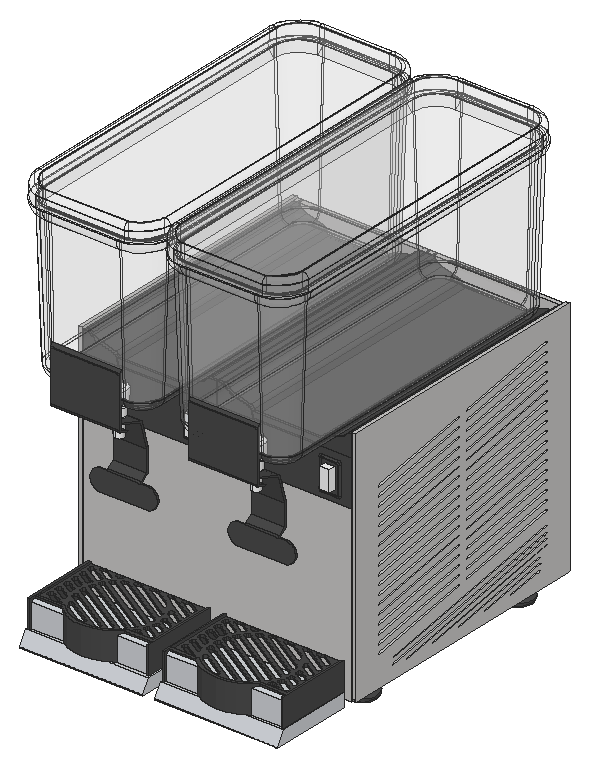
Revit family "QF_Vollrath-VBBD2-37", category Specialty Equipment, Revit 2018 (continued)
Forms (in)
  Extrusion 20, solid, material "Clearance - Code/Mandatory", detail levels coarse
    sketch origin (3.67282, -3.20625, 0) x (0, 1, 0) y (-1, 0, 0)
      loop
        line (13.96385, -7.15843) -> (20.08125, -7.15843) -> (20.08125, 13.34782) -> (13.96385, 13.34782) -> (13.96385, -7.15843)
    from 0 to 22.11914
  Sweep 21, solid, material "QF_Finishes-Clear Plastic"
    path origin (-0.03125, 0, 0) x (1, 0, 0) y (0, 1, 0)
      loop
        line (1.97575, 9.86597) -> (-1.98, 9.86597)
        arc (-1.98, 9.86597) -> (-2.54709, 9.63108) -> (-2.78198, 9.064) r 0.80197
        line (-2.78198, 9.064) -> (-2.78198, -6.12347)
        arc (-2.78198, -6.12347) -> (-2.53304, -6.72445) -> (-1.93206, -6.97339) r 0.84992
        line (-1.93206, -6.97339) -> (1.91929, -6.97339)
        arc (1.91929, -6.97339) -> (2.53134, -6.71987) -> (2.78485, -6.10782) r 0.86556
        line (2.78485, -6.10782) -> (2.78485, 9.05687)
        arc (2.78485, 9.05687) -> (2.54787, 9.62899) -> (1.97575, 9.86597) r 0.8091
    profile origin (-0.03338, 9.86597, 0) x (0, -1, 0) y (0, 0, 1)
      loop
        line (-0.42938, 20.63713) -> (-0.42938, 21.24909) -> (-0.79275, 21.24909)
        arc (-0.79275, 21.24909) -> (-0.70586, 20.88683) -> (-0.42938, 20.63713) r 0.62946
  Extrusion 22, solid
    sketch origin (0, 0, 0) x (0, 1, 0) y (0, 0, 1)
      loop
        line (-3.39961, 1.03543) -> (-7.3563, 1.03543) -> (-7.75, 0.3937) -> (-7.75, 0.35433) -> (-3.39961, 0.35433) -> (-3.39961, 1.03543)
    from -3.17717 to 3.27868
  Extrusion 23, solid
    sketch origin (0, 0, 0) x (0, 1, 0) y (0, 0, 1)
      loop
        arc (-6.9626, 2.40157) -> (-7.08882, 2.37471) -> (-7.18008, 2.28346) r 0.22732
        line (-7.18008, 2.28346) -> (-7.18008, 1.03543) -> (-6.9626, 1.03543) -> (-6.9626, 2.40157)
    from -3.05071 to -1.36292
  Extrusion 24, solid, material "QF_Finishes-Black Plastic"
    sketch origin (0, 0, 0) x (1, 0, 0) y (0, 1, 0)
      loop
        line (-3.05071, -6.8248) -> (-1.68325, -6.8248)
        arc (-1.68325, -6.8248) -> (-1.60014, -6.84139) -> (-1.52977, -6.88862) r 0.21647
        arc (-1.52977, -6.88862) -> (0.02, -7.53304) -> (1.56978, -6.88862) r 2.18576
        arc (1.56978, -6.88862) -> (1.64015, -6.84139) -> (1.72326, -6.8248) r 0.21647
        line (1.72326, -6.8248) -> (3.09102, -6.8248) -> (3.09102, -3.19488) -> (-3.05071, -3.19488) -> (-3.05071, -6.8248)
      loop
        line (1.99999, -5.31469) -> (-0.85274, -3.56972)
        arc (-0.85274, -3.56972) -> (-0.90143, -3.55568) -> (-0.95047, -3.56848) r 0.09564
        line (-0.95047, -3.56848) -> (-1.05079, -3.62641)
        arc (-1.05079, -3.62641) -> (-1.09797, -3.71056) -> (-1.05079, -3.79471) r 0.09865
        line (-1.05079, -3.79471) -> (1.89113, -5.59424)
        arc (1.89113, -5.59424) -> (1.98696, -5.59808) -> (2.04057, -5.51856) r 0.09843
        line (2.04057, -5.51856) -> (2.04706, -5.40253)
        arc (2.04706, -5.40253) -> (2.03544, -5.35223) -> (1.99999, -5.31469) r 0.09857
      loop
        line (1.92869, -5.80182) -> (-1.25519, -3.85429)
        arc (-1.25519, -3.85429) -> (-1.31546, -3.84407) -> (-1.37003, -3.87162) r 0.09782
        line (-1.37003, -3.87162) -> (-1.44371, -3.9453)
        arc (-1.44371, -3.9453) -> (-1.47148, -4.02385) -> (-1.42783, -4.09482) r 0.09665
        line (-1.42783, -4.09482) -> (1.79158, -6.06408)
        arc (1.79158, -6.06408) -> (1.8762, -6.07294) -> (1.93593, -6.01235) r 0.09812
        line (1.93593, -6.01235) -> (1.96819, -5.91075)
        arc (1.96819, -5.91075) -> (1.96695, -5.84957) -> (1.92869, -5.80182) r 0.09507
      loop
        line (1.74837, -6.22226) -> (-1.54753, -4.20621)
        arc (-1.54753, -4.20621) -> (-1.61887, -4.19636) -> (-1.67693, -4.23897) r 0.09584
        line (-1.67693, -4.23897) -> (-1.73108, -4.32679)
        arc (-1.73108, -4.32679) -> (-1.743, -4.39877) -> (-1.70104, -4.45845) r 0.09631
        line (-1.70104, -4.45845) -> (1.59739, -6.47604)
        arc (1.59739, -6.47604) -> (1.66914, -6.48577) -> (1.72723, -6.44255) r 0.09587
        line (1.72723, -6.44255) -> (1.78078, -6.35401)
        arc (1.78078, -6.35401) -> (1.79129, -6.28157) -> (1.74837, -6.22226) r 0.09741
      loop
        line (1.48132, -6.58966) -> (-1.74811, -4.61427)
        arc (-1.74811, -4.61427) -> (-1.83177, -4.60731) -> (-1.88979, -4.66798) r 0.09744
        line (-1.88979, -4.66798) -> (-1.92257, -4.76761)
        arc (-1.92257, -4.76761) -> (-1.92194, -4.82904) -> (-1.88395, -4.87732) r 0.0953
        line (-1.88395, -4.87732) -> (1.30511, -6.82801)
        arc (1.30511, -6.82801) -> (1.36581, -6.8405) -> (1.42146, -6.81321) r 0.09579
        line (1.42146, -6.81321) -> (1.49519, -6.73948)
        arc (1.49519, -6.73948) -> (1.52341, -6.66132) -> (1.48132, -6.58966) r 0.09779
      loop
        line (1.10757, -6.89177) -> (-1.84914, -5.0832)
        arc (-1.84914, -5.0832) -> (-1.94458, -5.07917) -> (-1.99846, -5.15805) r 0.0984
        line (-1.99846, -5.15805) -> (-2.00593, -5.27264)
        arc (-2.00593, -5.27264) -> (-1.99506, -5.32396) -> (-1.95906, -5.3621) r 0.09696
        line (-1.95906, -5.3621) -> (0.91264, -7.11867)
        arc (0.91264, -7.11867) -> (0.96072, -7.13194) -> (1.0088, -7.11867) r 0.09375
        line (1.0088, -7.11867) -> (1.10757, -7.05966)
        arc (1.10757, -7.05966) -> (1.15463, -6.97572) -> (1.10757, -6.89177) r 0.0984
      loop
        line (0.60863, -7.11732) -> (-1.82264, -5.63015)
        arc (-1.82264, -5.63015) -> (-1.92999, -5.63329) -> (-1.97033, -5.73281) r 0.09825
        line (-1.97033, -5.73281) -> (-1.93774, -5.87396)
        arc (-1.93774, -5.87396) -> (-1.92175, -5.90738) -> (-1.89442, -5.93238) r 0.09714
        line (-1.89442, -5.93238) -> (0.37225, -7.31886)
        arc (0.37225, -7.31886) -> (0.40695, -7.33252) -> (0.44421, -7.33107) r 0.09073
        line (0.44421, -7.33107) -> (0.58467, -7.29582)
        arc (0.58467, -7.29582) -> (0.65482, -7.21438) -> (0.60863, -7.11732) r 0.09843
      loop
        line (-0.15644, -7.18008) -> (-1.53008, -6.33984)
        arc (-1.53008, -6.33984) -> (-1.65245, -6.35562) -> (-1.66332, -6.47852) r 0.09845
        line (-1.66332, -6.47852) -> (-1.474, -6.72028) -> (-0.52036, -7.30361) -> (-0.21942, -7.36177)
        arc (-0.21942, -7.36177) -> (-0.1148, -7.29628) -> (-0.15644, -7.18008) r 0.09842
      loop
        line (1.92796, -4.73989) -> (-0.30697, -3.37282)
        arc (-0.30697, -3.37282) -> (-0.34079, -3.3598) -> (-0.37704, -3.35963) r 0.10043
        line (-0.37704, -3.35963) -> (-0.52004, -3.39377)
        arc (-0.52004, -3.39377) -> (-0.59167, -3.47506) -> (-0.54547, -3.57306) r 0.09865
        line (-0.54547, -3.57306) -> (1.85831, -5.04342)
        arc (1.85831, -5.04342) -> (1.96624, -5.03999) -> (2.00606, -4.93962) r 0.09842
        line (2.00606, -4.93962) -> (1.97137, -4.79716)
        arc (1.97137, -4.79716) -> (1.95507, -4.76442) -> (1.92796, -4.73989) r 0.09857
      loop
        line (1.46531, -3.92615) -> (0.62845, -3.41426)
        arc (0.62845, -3.41426) -> (0.46776, -3.37153) -> (0.30428, -3.34114) r 2.18615
        arc (0.30428, -3.34114) -> (0.19761, -3.4051) -> (0.23921, -3.5223) r 0.09818
        line (0.23921, -3.5223) -> (1.54679, -4.32213)
        arc (1.54679, -4.32213) -> (1.66978, -4.30502) -> (1.67799, -4.18113) r 0.09835
        arc (1.67799, -4.18113) -> (1.57664, -4.04948) -> (1.46531, -3.92615) r 2.12561
      loop
        line (2.83911, -4.23574) -> (1.36588, -3.33459)
        arc (1.36588, -3.33459) -> (1.34175, -3.32427) -> (1.31572, -3.32087) r 0.09593
        arc (1.31572, -3.32087) -> (1.27881, -3.321) -> (1.2419, -3.32087) r 5.03614
        arc (1.2419, -3.32087) -> (1.14687, -3.39171) -> (1.18925, -3.5024) r 0.0982
        arc (1.18925, -3.5024) -> (1.38493, -3.6409) -> (1.56306, -3.80134) r 2.04444
        line (1.56306, -3.80134) -> (2.73642, -4.51906)
        arc (2.73642, -4.51906) -> (2.8353, -4.51983) -> (2.88433, -4.43395) r 0.09782
        arc (2.88433, -4.43395) -> (2.88401, -4.37627) -> (2.88433, -4.31858) r 5.14481
        arc (2.88433, -4.31858) -> (2.87254, -4.27125) -> (2.83911, -4.23574) r 0.0965
      loop
        line (2.83639, -3.70334) -> (2.23231, -3.33383)
        arc (2.23231, -3.33383) -> (2.21027, -3.32439) -> (2.18655, -3.32087) r 0.09339
        line (2.18655, -3.32087) -> (1.99477, -3.32087)
        arc (1.99477, -3.32087) -> (1.89988, -3.39257) -> (1.94341, -3.50325) r 0.09837
        line (1.94341, -3.50325) -> (2.73528, -3.98763)
        arc (2.73528, -3.98763) -> (2.83413, -3.98931) -> (2.88433, -3.90415) r 0.09818
        arc (2.88433, -3.90415) -> (2.88448, -3.84599) -> (2.88433, -3.78784) r 11.3571
        arc (2.88433, -3.78784) -> (2.87139, -3.73933) -> (2.83639, -3.70334) r 0.09933
      loop
        arc (-2.69423, -5.62775) -> (-2.79372, -5.62586) -> (-2.84402, -5.71171) r 0.09843
        line (-2.84402, -5.71171) -> (-2.84402, -5.82709)
        arc (-2.84402, -5.82709) -> (-2.83145, -5.87522) -> (-2.79695, -5.91106) r 0.09843
        line (-2.79695, -5.91106) -> (-2.13741, -6.31449)
        arc (-2.13741, -6.31449) -> (-2.02317, -6.30683) -> (-1.99384, -6.19615) r 0.09819
        line (-1.99384, -6.19615) -> (-2.04986, -6.04886)
        arc (-2.04986, -6.04886) -> (-2.066, -6.01898) -> (-2.09144, -5.99647) r 0.09728
        line (-2.09144, -5.99647) -> (-2.69423, -5.62775)
      loop
        arc (-2.69423, -5.09701) -> (-2.79372, -5.09512) -> (-2.84402, -5.18097) r 0.09843
        line (-2.84402, -5.18097) -> (-2.84402, -5.29635)
        arc (-2.84402, -5.29635) -> (-2.83145, -5.34448) -> (-2.79695, -5.38032) r 0.09843
        line (-2.79695, -5.38032) -> (-2.30078, -5.68381)
        arc (-2.30078, -5.68381) -> (-2.19664, -5.68292) -> (-2.1516, -5.58901) r 0.09843
        line (-2.1516, -5.58901) -> (-2.16128, -5.47226)
        arc (-2.16128, -5.47226) -> (-2.17523, -5.42752) -> (-2.20826, -5.39428) r 0.09865
        line (-2.20826, -5.39428) -> (-2.69423, -5.09701)
      loop
        arc (-2.69423, -4.56627) -> (-2.79372, -4.56438) -> (-2.84402, -4.65023) r 0.09843
        line (-2.84402, -4.65023) -> (-2.84402, -4.76561)
        arc (-2.84402, -4.76561) -> (-2.83145, -4.81374) -> (-2.79695, -4.84958) r 0.09843
        line (-2.79695, -4.84958) -> (-2.29775, -5.15493)
        arc (-2.29775, -5.15493) -> (-2.20358, -5.15958) -> (-2.14873, -5.0829) r 0.09839
        line (-2.14873, -5.0829) -> (-2.13391, -4.98165)
        arc (-2.13391, -4.98165) -> (-2.14196, -4.92467) -> (-2.17954, -4.8811) r 0.10209
        line (-2.17954, -4.8811) -> (-2.69423, -4.56627)
      loop
        arc (-2.69423, -4.03555) -> (-2.79372, -4.03365) -> (-2.84402, -4.11951) r 0.09843
        line (-2.84402, -4.11951) -> (-2.84402, -4.23489)
        arc (-2.84402, -4.23489) -> (-2.83145, -4.28301) -> (-2.79695, -4.31885) r 0.09843
        line (-2.79695, -4.31885) -> (-2.19054, -4.68978)
        arc (-2.19054, -4.68978) -> (-2.10586, -4.69843) -> (-2.0461, -4.63781) r 0.09843
        line (-2.0461, -4.63781) -> (-2.01311, -4.5476)
        arc (-2.01311, -4.5476) -> (-2.01108, -4.48046) -> (-2.05286, -4.42787) r 0.09777
        line (-2.05286, -4.42787) -> (-2.69423, -4.03555)
      loop
        arc (-2.69423, -3.50479) -> (-2.79372, -3.5029) -> (-2.84402, -3.58875) r 0.09843
        line (-2.84402, -3.58875) -> (-2.84402, -3.70413)
        arc (-2.84402, -3.70413) -> (-2.83145, -3.75226) -> (-2.79695, -3.78809) r 0.09843
        line (-2.79695, -3.78809) -> (-2.00078, -4.2751)
        arc (-2.00078, -4.2751) -> (-1.92526, -4.28682) -> (-1.86377, -4.24142) r 0.09931
        line (-1.86377, -4.24142) -> (-1.8143, -4.16136)
        arc (-1.8143, -4.16136) -> (-1.80095, -4.08604) -> (-1.84557, -4.0239) r 0.09843
        line (-1.84557, -4.0239) -> (-2.69423, -3.50479)
      loop
        arc (-2.69423, -6.15849) -> (-2.79372, -6.1566) -> (-2.84402, -6.24246) r 0.09843
        line (-2.84402, -6.24246) -> (-2.84402, -6.35783)
        arc (-2.84402, -6.35783) -> (-2.83145, -6.40596) -> (-2.79695, -6.4418) r 0.09843
        line (-2.79695, -6.4418) -> (-2.18491, -6.81617) -> (-1.91188, -6.81617)
        arc (-1.91188, -6.81617) -> (-1.85587, -6.7319) -> (-1.9031, -6.64241) r 0.09904
        line (-1.9031, -6.64241) -> (-2.69423, -6.15849)
      loop
        line (-2.39494, -3.50325) -> (-1.73202, -3.90876)
        arc (-1.73202, -3.90876) -> (-1.66637, -3.92218) -> (-1.60735, -3.89047) r 0.09841
        line (-1.60735, -3.89047) -> (-1.54093, -3.82001)
        arc (-1.54093, -3.82001) -> (-1.51481, -3.73924) -> (-1.5609, -3.66795) r 0.09896
        line (-1.5609, -3.66795) -> (-2.18752, -3.28465)
        arc (-2.18752, -3.28465) -> (-2.235, -3.26983) -> (-2.28367, -3.28012) r 0.09843
        line (-2.28367, -3.28012) -> (-2.38686, -3.33173)
        arc (-2.38686, -3.33173) -> (-2.44114, -3.41512) -> (-2.39494, -3.50325) r 0.09843
      loop
        arc (-1.47591, -3.32087) -> (-1.57065, -3.39261) -> (-1.52727, -3.50325) r 0.09843
        line (-1.52727, -3.50325) -> (-1.3826, -3.59175)
        arc (-1.3826, -3.59175) -> (-1.32707, -3.60613) -> (-1.27295, -3.58713) r 0.09847
        line (-1.27295, -3.58713) -> (-1.18803, -3.52827)
        arc (-1.18803, -3.52827) -> (-1.14526, -3.44427) -> (-1.19182, -3.36231) r 0.09944
        line (-1.19182, -3.36231) -> (-1.23593, -3.33533)
        arc (-1.23593, -3.33533) -> (-1.26061, -3.32455) -> (-1.28729, -3.32087) r 0.09843
        line (-1.28729, -3.32087) -> (-1.47591, -3.32087)
      loop
        arc (2.16593, -4.35471) -> (2.05008, -4.36433) -> (2.02423, -4.47767) r 0.09841
        line (2.02423, -4.47767) -> (2.08147, -4.62318)
        arc (2.08147, -4.62318) -> (2.09769, -4.65241) -> (2.12281, -4.67447) r 0.09781
        line (2.12281, -4.67447) -> (2.73454, -5.04866)
        arc (2.73454, -5.04866) -> (2.83403, -5.05055) -> (2.88433, -4.9647) r 0.09843
        line (2.88433, -4.9647) -> (2.88433, -4.84932)
        arc (2.88433, -4.84932) -> (2.87176, -4.80119) -> (2.83726, -4.76535) r 0.09843
        line (2.83726, -4.76535) -> (2.16593, -4.35471)
      loop
        arc (2.33855, -4.99104) -> (2.23397, -4.99219) -> (2.18943, -5.08682) r 0.09845
        line (2.18943, -5.08682) -> (2.20051, -5.20384)
        arc (2.20051, -5.20384) -> (2.21442, -5.2483) -> (2.24726, -5.28133) r 0.09819
        line (2.24726, -5.28133) -> (2.73454, -5.5794)
        arc (2.73454, -5.5794) -> (2.83403, -5.58129) -> (2.88433, -5.49544) r 0.09843
        line (2.88433, -5.49544) -> (2.88433, -5.38006)
        arc (2.88433, -5.38006) -> (2.87176, -5.33193) -> (2.83726, -5.29609) r 0.09843
        line (2.83726, -5.29609) -> (2.33855, -4.99104)
      loop
        arc (2.34021, -5.5228) -> (2.24688, -5.51781) -> (2.19158, -5.59315) r 0.09828
        line (2.19158, -5.59315) -> (2.17713, -5.69751)
        arc (2.17713, -5.69751) -> (2.18485, -5.75432) -> (2.22293, -5.79719) r 0.09843
        line (2.22293, -5.79719) -> (2.73454, -6.11014)
        arc (2.73454, -6.11014) -> (2.83403, -6.11203) -> (2.88433, -6.02618) r 0.09843
        line (2.88433, -6.02618) -> (2.88433, -5.9108)
        arc (2.88433, -5.9108) -> (2.87176, -5.86267) -> (2.83726, -5.82683) r 0.09843
        line (2.83726, -5.82683) -> (2.34021, -5.5228)
      loop
        arc (2.2366, -5.99016) -> (2.15157, -5.98163) -> (2.09192, -6.04283) r 0.09842
        line (2.09192, -6.04283) -> (2.05934, -6.13333)
        arc (2.05934, -6.13333) -> (2.05873, -6.20007) -> (2.09985, -6.25265) r 0.1011
        line (2.09985, -6.25265) -> (2.73454, -6.64088)
        arc (2.73454, -6.64088) -> (2.83403, -6.64277) -> (2.88433, -6.55692) r 0.09843
        line (2.88433, -6.55692) -> (2.88433, -6.44154)
        arc (2.88433, -6.44154) -> (2.87176, -6.39341) -> (2.83726, -6.35758) r 0.09843
        line (2.83726, -6.35758) -> (2.2366, -5.99016)
      loop
        arc (2.04906, -6.40618) -> (1.97544, -6.39427) -> (1.91458, -6.43738) r 0.09845
        line (1.91458, -6.43738) -> (1.86362, -6.52146)
        arc (1.86362, -6.52146) -> (1.85022, -6.5966) -> (1.89492, -6.65847) r 0.09775
        line (1.89492, -6.65847) -> (2.15566, -6.81617) -> (2.42228, -6.81617)
        arc (2.42228, -6.81617) -> (2.48182, -6.73326) -> (2.43526, -6.64241) r 0.09794
        line (2.43526, -6.64241) -> (2.04906, -6.40618)
    from 2.28346 to 2.40157
  Sweep 25, solid, material "QF_Finishes-Black Plastic"
    path origin (0, 0, 0) x (-1, 0, 0) y (0, 0, 1)
      loop
        arc (-2.90354, 10.17079) -> (-2.88625, 10.12903) -> (-2.84449, 10.11173) r 0.05906
        line (-2.84449, 10.11173) -> (-1.99803, 10.11173)
        arc (-1.99803, 10.11173) -> (-1.95627, 10.12903) -> (-1.93898, 10.17079) r 0.05906
        line (-1.93898, 10.17079) -> (-1.93898, 11.63929)
        arc (-1.93898, 11.63929) -> (-1.95627, 11.68105) -> (-1.99803, 11.69835) r 0.05906
        line (-1.99803, 11.69835) -> (-2.84449, 11.69835)
        arc (-2.84449, 11.69835) -> (-2.88625, 11.68105) -> (-2.90354, 11.63929) r 0.05906
        line (-2.90354, 11.63929) -> (-2.90354, 10.17079)
    profile origin (2.90354, 0, 10.90504) x (-1, 0, 0) y (0, -1, 0)
      loop
        line (-0.09489, 3.27803) -> (0.00738, 3.27803) -> (0.00738, 3.37633)
        arc (0.00738, 3.37633) -> (-0.01127, 3.3726) -> (-0.01972, 3.35557) r 0.02157
        arc (-0.01972, 3.35557) -> (-0.04169, 3.30166) -> (-0.09489, 3.27803) r 0.0779
  Extrusion 26, solid, material "QF_Finishes-White Rubber"
    sketch origin (0, 0, 0) x (-1, 0, 0) y (0, 0, -1)
      loop
        line (-2.66535, -10.3637) -> (-2.66535, -11.44638) -> (-2.17717, -11.44638) -> (-2.17717, -10.3637) -> (-2.66535, -10.3637)
    from 3.27362 to 3.65598
  Extrusion 27, solid
    sketch origin (0, 0, 0) x (0, 1, 0) y (0, 0, -1)
      loop
        line (-6.9626, -2.40157) -> (-6.9626, -1.03543) -> (-7.18008, -1.03543) -> (-7.18008, -2.28346)
        arc (-7.18008, -2.28346) -> (-7.08882, -2.37471) -> (-6.9626, -2.40157) r 0.22732
    from -3.09102 to -1.40314
  Extrusion 28, solid, material "QF_Finishes-Clear Plastic"
    sketch origin (0, 0, 0) x (1, 0, 0) y (0, 1, 0)
      loop
        line (-2.51928, 9.1346) -> (-2.51928, -6.00035)
        arc (-2.51928, -6.00035) -> (-2.32251, -6.47538) -> (-1.84748, -6.67215) r 0.6718
        line (-1.84748, -6.67215) -> (1.84782, -6.67215)
        arc (1.84782, -6.67215) -> (2.32464, -6.47464) -> (2.52215, -5.99781) r 0.67433
        line (2.52215, -5.99781) -> (2.52215, 9.13206)
        arc (2.52215, 9.13206) -> (2.32464, 9.60889) -> (1.84782, 9.8064) r 0.67433
        line (1.84782, 9.8064) -> (-1.84748, 9.8064)
        arc (-1.84748, 9.8064) -> (-2.32251, 9.60963) -> (-2.51928, 9.1346) r 0.6718
    from 12.90709 to 13.05386
  Sweep 29, solid, material "QF_Finishes-Clear Plastic"
    path origin (7.21601, 3.74664, -1.59015) x (1, 0, 0) y (0, 1, 0)
      loop
        line (-2.2551, -11.10622) -> (2.2551, -11.10622)
        arc (2.2551, -11.10622) -> (2.85564, -10.64462) -> (3.17382, -9.95724) r 1.58698
        line (3.17382, -9.95724) -> (3.17382, 5.36453)
        arc (3.17382, 5.36453) -> (2.71278, 6.17327) -> (1.84782, 6.51746) r 1.40778
        line (1.84782, 6.51746) -> (-1.84782, 6.51746)
        arc (-1.84782, 6.51746) -> (-2.71161, 6.17429) -> (-3.17326, 5.36758) r 1.40778
        line (-3.17326, 5.36758) -> (-3.17326, -9.96011)
        arc (-3.17326, -9.96011) -> (-2.85472, -10.64576) -> (-2.2551, -11.10622) r 1.58698
    profile origin (7.21601, -7.35958, -1.59015) x (0, 1, 0) y (0, 0, 1)
      loop
        line (-0.39475, 22.88102) -> (-0.01824, 22.88102) -> (-0.01824, 23.6765)
        arc (-0.01824, 23.6765) -> (-0.26993, 23.6729) -> (-0.39475, 23.45431) r 0.25381
        line (-0.39475, 23.45431) -> (-0.39475, 22.88102)
  Extrusion 30, solid, material "QF_Finishes-Clear Plastic"
    sketch origin (7.16592, 3.7403, -2.36291) x (1, 0, 0) y (0, 1, 0)
      loop
        line (-2.15049, -11.11812) -> (2.25892, -11.11812)
        arc (2.25892, -11.11812) -> (2.86473, -10.65608) -> (3.18926, -9.96676) r 1.60522
        line (3.18926, -9.96676) -> (3.18926, 5.42563)
        arc (3.18926, 5.42563) -> (2.86227, 6.21505) -> (2.07284, 6.54204) r 1.11642
        line (2.07284, 6.54204) -> (-2.09748, 6.54204)
        arc (-2.09748, 6.54204) -> (-2.80722, 6.28665) -> (-3.1915, 5.63759) r 1.11388
        line (-3.1915, 5.63759) -> (-3.1915, -9.95554)
        arc (-3.1915, -9.95554) -> (-2.83451, -10.68325) -> (-2.15049, -11.11812) r 1.49663
    from 24.42674 to 24.46291
  Extrusion 31, solid, material "QF_Finishes-Black Plastic"
    sketch origin (7.10363, 0, 0) x (1, 0, 0) y (0, 0, 1)
      loop
        line (-3.55, 9.73814) -> (3.55, 9.73814) -> (3.55, 13.26725) -> (3.47014, 13.26725)
        arc (3.47014, 13.26725) -> (3.38063, 13.24576) -> (3.31064, 13.18598) r 0.19715
        arc (3.31064, 13.18598) -> (3.28095, 13.13968) -> (3.24494, 13.0981) r 0.3838
        arc (3.24494, 13.0981) -> (3.11274, 12.99666) -> (2.95879, 12.93289) r 0.63833
        line (2.95879, 12.93289) -> (2.1036, 12.70374)
        arc (2.1036, 12.70374) -> (1.98752, 12.63647) -> (1.92101, 12.51995) r 0.2576
        line (1.92101, 12.51995) -> (-1.67922, 12.51995)
        arc (-1.67922, 12.51995) -> (-1.74573, 12.63647) -> (-1.86181, 12.70374) r 0.2576
        line (-1.86181, 12.70374) -> (-2.717, 12.93289)
        arc (-2.717, 12.93289) -> (-2.87095, 12.99666) -> (-3.00315, 13.0981) r 0.63833
        arc (-3.00315, 13.0981) -> (-3.03916, 13.13968) -> (-3.06885, 13.18598) r 0.3838
        arc (-3.06885, 13.18598) -> (-3.13884, 13.24576) -> (-3.22835, 13.26725) r 0.19715
        line (-3.22835, 13.26725) -> (-3.55, 13.26725) -> (-3.55, 9.73814)
    from 3.12402 to 3.27362
  Extrusion 32, solid, material "QF_Finishes-Black Plastic"
    sketch origin (6.93625, -0.69203, -0.67436) x (0, 1, 0) y (0, 0, 1)
      loop
        arc (-6.7126, 12.77975) -> (-6.69637, 12.72827) -> (-6.65354, 12.69541) r 0.08975
        line (-6.65354, 12.69541) -> (-6.24829, 12.54791) -> (-6.22809, 12.6034) -> (-6.65354, 12.75825) -> (-6.65354, 15.43542) -> (-6.55627, 15.57434) -> (-6.585, 15.63626) -> (-6.69836, 15.47437)
        arc (-6.69836, 15.47437) -> (-6.70895, 15.45289) -> (-6.7126, 15.42921) r 0.07874
        line (-6.7126, 15.42921) -> (-6.7126, 12.77975)
    from -1.53543 to 2.09496
  Revolve 33, solid, material "QF_Finishes-White Rubber"
    sketch origin (7.23164, -0.00627, -0.98853) x (0, 1, 0) y (0, 0, 1)
      loop
        line (-5.26181, 11.35591) -> (-5.26181, 13.7196) -> (-5.58313, 13.7196)
        arc (-5.58313, 13.7196) -> (-5.66215, 13.68687) -> (-5.69488, 13.60785) r 0.11175
        line (-5.69488, 13.60785) -> (-5.6749, 12.85346) -> (-5.57506, 12.85346) -> (-5.57506, 12.36572) -> (-5.49364, 12.33608) -> (-5.49364, 11.35591) -> (-5.26181, 11.35591)
      axis (-5.26181, 11.35591) -> (-5.26181, 13.7196)
    angle from 0 to 360
  Extrusion 34, solid, material "QF_Finishes-Black Plastic"
    sketch origin (7.22383, 0.05623, -0.98853) x (0, 1, 0) y (0, 0, 1)
      loop
        line (-4.89794, 12.05642) -> (-4.5209, 10.64927) -> (-4.5209, 9.50735) -> (-4.87524, 9.24034)
        arc (-4.87524, 9.24034) -> (-4.89988, 9.20972) -> (-4.90703, 9.17106) r 0.08027
        line (-4.90703, 9.17106) -> (-4.84806, 9.16797) -> (-4.83447, 9.19711) -> (-4.4932, 9.45428)
        arc (-4.4932, 9.45428) -> (-4.47012, 9.48203) -> (-4.46184, 9.51717) r 0.07874
        line (-4.46184, 9.51717) -> (-4.46184, 10.65704) -> (-4.8302, 12.03176)
        arc (-4.8302, 12.03176) -> (-4.86865, 12.09212) -> (-4.92901, 12.13057) r 0.16532
        line (-4.92901, 12.13057) -> (-6.9898, 12.88064) -> (-7.01, 12.82515) -> (-4.89794, 12.05642)
    from -0.87952 to 0.8668
  Extrusion 35, solid, material "QF_Finishes-Black Plastic"
    sketch origin (7.21601, -0.40114, -1.21779) x (1, 0, 0) y (0, 0.052336, 0.99863)
      loop
        line (-1.23031, 8.07021) -> (1.23031, 8.07021)
        arc (1.23031, 8.07021) -> (1.77091, 8.61081) -> (1.23031, 9.1514) r 0.5406
        line (1.23031, 9.1514) -> (-1.23031, 9.1514)
        arc (-1.23031, 9.1514) -> (-1.77091, 8.61081) -> (-1.23031, 8.07021) r 0.5406
    from 4.87511 to 4.93413
  Sweep 36, solid, material "QF_Finishes-Clear Plastic"
    path origin (7.21601, 0, 0) x (1, 0, 0) y (0, 1, 0)
      loop
        arc (-2.3069, -6.00035) -> (-2.17234, -6.32521) -> (-1.84748, -6.45977) r 0.45942
        line (-1.84748, -6.45977) -> (1.84782, -6.45977)
        arc (1.84782, -6.45977) -> (2.17447, -6.32446) -> (2.30977, -5.99781) r 0.46195
        line (2.30977, -5.99781) -> (2.30977, 9.13206)
        arc (2.30977, 9.13206) -> (2.17447, 9.45871) -> (1.84782, 9.59402) r 0.46195
        line (1.84782, 9.59402) -> (-1.84748, 9.59402)
        arc (-1.84748, 9.59402) -> (-2.17234, 9.45946) -> (-2.3069, 9.1346) r 0.45942
        line (-2.3069, 9.1346) -> (-2.3069, -6.00035)
    profile origin (4.90912, 1.56713, 0) x (-1, 0, 0) y (0, 0, 1)
      loop
        line (1.00727, 21.24909) -> (0.86945, 21.24909) -> (0.60808, 13.43579)
        arc (0.60808, 13.43579) -> (0.48758, 13.16469) -> (0.21238, 13.05386) r 0.39514
        line (0.21238, 13.05386) -> (0.22508, 12.90709)
        arc (0.22508, 12.90709) -> (0.59013, 13.08301) -> (0.74651, 13.45684) r 0.57097
        line (0.74651, 13.45684) -> (1.00727, 21.24909)
  Extrusion 37, solid, material "QF_Finishes-Black Plastic"
    sketch origin (7.08661, 0, -0.6875) x (1, 0, 0) y (0, 0, 1)
      loop
        line (-3.54331, 13.95475) -> (-3.54331, 12.85346) -> (3.54331, 12.85346) -> (3.54331, 13.95475) -> (3.48715, 13.95475)
        arc (3.48715, 13.95475) -> (3.39764, 13.93326) -> (3.32765, 13.87348) r 0.19715
        arc (3.32765, 13.87348) -> (3.29796, 13.82718) -> (3.26195, 13.7856) r 0.3838
        arc (3.26195, 13.7856) -> (3.12975, 13.68416) -> (2.9758, 13.62039) r 0.63833
        line (2.9758, 13.62039) -> (2.12061, 13.39124)
        arc (2.12061, 13.39124) -> (2.00453, 13.32397) -> (1.93802, 13.20745) r 0.2576
        line (1.93802, 13.20745) -> (1.88526, 12.90825) -> (-1.62646, 12.90825) -> (-1.67922, 13.20745)
        arc (-1.67922, 13.20745) -> (-1.74573, 13.32397) -> (-1.86181, 13.39124) r 0.2576
        line (-1.86181, 13.39124) -> (-2.717, 13.62039)
        arc (-2.717, 13.62039) -> (-2.87095, 13.68416) -> (-3.00315, 13.7856) r 0.63833
        arc (-3.00315, 13.7856) -> (-3.03916, 13.82718) -> (-3.06885, 13.87348) r 0.3838
        arc (-3.06885, 13.87348) -> (-3.13884, 13.93326) -> (-3.22835, 13.95475) r 0.19715
        line (-3.22835, 13.95475) -> (-3.54331, 13.95475)
    from -10.7576 to 3.27362
  Sweep 38, solid, material "QF_Finishes-Clear Plastic"
    path origin (7.21601, 0, 0) x (1, 0, 0) y (0, 1, 0)
      loop
        line (1.97575, 9.86597) -> (-1.98, 9.86597)
        arc (-1.98, 9.86597) -> (-2.54709, 9.63108) -> (-2.78198, 9.064) r 0.80197
        line (-2.78198, 9.064) -> (-2.78198, -6.12347)
        arc (-2.78198, -6.12347) -> (-2.53304, -6.72445) -> (-1.93206, -6.97339) r 0.84992
        line (-1.93206, -6.97339) -> (1.91929, -6.97339)
        arc (1.91929, -6.97339) -> (2.53134, -6.71987) -> (2.78485, -6.10782) r 0.86556
        line (2.78485, -6.10782) -> (2.78485, 9.05687)
        arc (2.78485, 9.05687) -> (2.54787, 9.62899) -> (1.97575, 9.86597) r 0.8091
    profile origin (7.21389, 9.86597, 0) x (0, -1, 0) y (0, 0, 1)
      loop
        line (-0.42938, 20.63713) -> (-0.42938, 21.24909) -> (-0.79275, 21.24909)
        arc (-0.79275, 21.24909) -> (-0.70652, 20.88644) -> (-0.42938, 20.63713) r 0.62589
  Sweep 39, solid, material "QF_Finishes-Black Plastic"
    path origin (7.10363, 0, 0) x (1, 0, 0) y (0, 0, 1)
      loop
        arc (-2.90354, 10.17079) -> (-2.88625, 10.12903) -> (-2.84449, 10.11173) r 0.05906
        line (-2.84449, 10.11173) -> (-1.99803, 10.11173)
        arc (-1.99803, 10.11173) -> (-1.95627, 10.12903) -> (-1.93898, 10.17079) r 0.05906
        line (-1.93898, 10.17079) -> (-1.93898, 11.63929)
        arc (-1.93898, 11.63929) -> (-1.95627, 11.68105) -> (-1.99803, 11.69835) r 0.05906
        line (-1.99803, 11.69835) -> (-2.84449, 11.69835)
        arc (-2.84449, 11.69835) -> (-2.88625, 11.68105) -> (-2.90354, 11.63929) r 0.05906
        line (-2.90354, 11.63929) -> (-2.90354, 10.17079)
    profile origin (4.20008, 0, 10.90504) x (-1, 0, 0) y (0, -1, 0)
      loop
        arc (0.09489, 3.27803) -> (0.04169, 3.30166) -> (0.01972, 3.35557) r 0.0779
        arc (0.01972, 3.35557) -> (0.01127, 3.3726) -> (-0.00738, 3.37633) r 0.02157
        line (-0.00738, 3.37633) -> (-0.00738, 3.27803) -> (0.09489, 3.27803)
  Sweep 40, solid, material "QF_Finishes-Black Plastic"
    path origin (7.10363, 0, 0) x (-1, 0, 0) y (0, 0, 1)
      loop
        arc (-2.90354, 10.17079) -> (-2.88625, 10.12903) -> (-2.84449, 10.11173) r 0.05906
        line (-2.84449, 10.11173) -> (-1.99803, 10.11173)
        arc (-1.99803, 10.11173) -> (-1.95627, 10.12903) -> (-1.93898, 10.17079) r 0.05906
        line (-1.93898, 10.17079) -> (-1.93898, 11.63929)
        arc (-1.93898, 11.63929) -> (-1.95627, 11.68105) -> (-1.99803, 11.69835) r 0.05906
        line (-1.99803, 11.69835) -> (-2.84449, 11.69835)
        arc (-2.84449, 11.69835) -> (-2.88625, 11.68105) -> (-2.90354, 11.63929) r 0.05906
        line (-2.90354, 11.63929) -> (-2.90354, 10.17079)
    profile origin (10.00717, 0, 10.90504) x (-1, 0, 0) y (0, -1, 0)
      loop
        line (-0.09489, 3.27803) -> (0.00738, 3.27803) -> (0.00738, 3.37633)
        arc (0.00738, 3.37633) -> (-0.01127, 3.3726) -> (-0.01972, 3.35557) r 0.02157
        arc (-0.01972, 3.35557) -> (-0.04169, 3.30166) -> (-0.09489, 3.27803) r 0.0779
  Extrusion 41, solid, material "QF_Finishes-White Rubber"
    sketch origin (7.10363, 0, 0) x (1, 0, 0) y (0, 0, 1)
      loop
        line (-2.66535, 10.3637) -> (-2.17717, 10.3637) -> (-2.17717, 11.44638) -> (-2.66535, 11.44638) -> (-2.66535, 10.3637)
    from 3.27362 to 3.65598
  Extrusion 42, solid, material "QF_Finishes-White Rubber"
    sketch origin (7.10363, 0, 0) x (-1, 0, 0) y (0, 0, -1)
      loop
        line (-2.66535, -10.3637) -> (-2.66535, -11.44638) -> (-2.17717, -11.44638) -> (-2.17717, -10.3637) -> (-2.66535, -10.3637)
    from 3.27362 to 3.65598
  Extrusion 43, solid, material "QF_Finishes-Clear Plastic"
    sketch origin (7.22842, 0, 0) x (1, 0, 0) y (0, 1, 0)
      loop
        line (-2.51928, 9.1346) -> (-2.51928, -6.00035)
        arc (-2.51928, -6.00035) -> (-2.32251, -6.47538) -> (-1.84748, -6.67215) r 0.6718
        line (-1.84748, -6.67215) -> (1.84782, -6.67215)
        arc (1.84782, -6.67215) -> (2.32464, -6.47464) -> (2.52215, -5.99781) r 0.67433
        line (2.52215, -5.99781) -> (2.52215, 9.13206)
        arc (2.52215, 9.13206) -> (2.32464, 9.60889) -> (1.84782, 9.8064) r 0.67433
        line (1.84782, 9.8064) -> (-1.84748, 9.8064)
        arc (-1.84748, 9.8064) -> (-2.32251, 9.60963) -> (-2.51928, 9.1346) r 0.6718
    from 12.90709 to 13.05386
  Extrusion 44, solid, material "QF_Finishes-Black Plastic"
    sketch origin (7.06271, 0, 0) x (1, 0, 0) y (0, 1, 0)
      loop
        line (3.18945, -3.12402) -> (-3.14914, -3.12402) -> (-3.14914, -7.27756) -> (-3.05071, -7.27756) -> (-3.05071, -6.9626) -> (-1.68325, -6.9626)
        arc (-1.68325, -6.9626) -> (-1.65302, -6.96863) -> (-1.62741, -6.98581) r 0.07879
        arc (-1.62741, -6.98581) -> (0.01907, -7.67007) -> (1.66554, -6.98581) r 2.323
        arc (1.66554, -6.98581) -> (1.69232, -6.96862) -> (1.72357, -6.9626) r 0.08414
        line (1.72357, -6.9626) -> (3.09102, -6.9626) -> (3.09102, -7.27756) -> (3.18945, -7.27756) -> (3.18945, -3.12402)
      loop
        line (-3.05071, -3.19488) -> (-3.05071, -6.8248) -> (-1.68325, -6.8248)
        arc (-1.68325, -6.8248) -> (-1.60014, -6.84139) -> (-1.52977, -6.88862) r 0.21647
        arc (-1.52977, -6.88862) -> (0.02, -7.53304) -> (1.56978, -6.88862) r 2.18576
        arc (1.56978, -6.88862) -> (1.64015, -6.84139) -> (1.72326, -6.8248) r 0.21647
        line (1.72326, -6.8248) -> (3.09102, -6.8248) -> (3.09102, -3.19488) -> (-3.05071, -3.19488)
    from 1.03543 to 2.48031
  Extrusion 45, solid
    sketch origin (7.06271, 0, 0) x (0, 1, 0) y (0, 0, 1)
      loop
        line (-3.39961, 1.03543) -> (-7.3563, 1.03543) -> (-7.75, 0.3937) -> (-7.75, 0.35433) -> (-3.39961, 0.35433) -> (-3.39961, 1.03543)
    from -3.17717 to 3.27868
  Extrusion 46, solid
    sketch origin (7.06271, 0, 0) x (0, 1, 0) y (0, 0, -1)
      loop
        line (-6.9626, -2.40157) -> (-6.9626, -1.03543) -> (-7.18008, -1.03543) -> (-7.18008, -2.28346)
        arc (-7.18008, -2.28346) -> (-7.08882, -2.37471) -> (-6.9626, -2.40157) r 0.22732
    from -3.09102 to -1.40314
  Extrusion 47, solid, material "QF_Finishes-Black Plastic"
    sketch origin (7.0638, 0, 0) x (1, 0, 0) y (0, 1, 0)
      loop
        line (-3.05071, -6.8248) -> (-1.68325, -6.8248)
        arc (-1.68325, -6.8248) -> (-1.60014, -6.84139) -> (-1.52977, -6.88862) r 0.21647
        arc (-1.52977, -6.88862) -> (0.02, -7.53304) -> (1.56978, -6.88862) r 2.18576
        arc (1.56978, -6.88862) -> (1.64015, -6.84139) -> (1.72326, -6.8248) r 0.21647
        line (1.72326, -6.8248) -> (3.09102, -6.8248) -> (3.09102, -3.19488) -> (-3.05071, -3.19488) -> (-3.05071, -6.8248)
      loop
        line (1.99999, -5.31469) -> (-0.85274, -3.56972)
        arc (-0.85274, -3.56972) -> (-0.90143, -3.55568) -> (-0.95047, -3.56848) r 0.09564
        line (-0.95047, -3.56848) -> (-1.05079, -3.62641)
        arc (-1.05079, -3.62641) -> (-1.09797, -3.71056) -> (-1.05079, -3.79471) r 0.09865
        line (-1.05079, -3.79471) -> (1.89113, -5.59424)
        arc (1.89113, -5.59424) -> (1.98696, -5.59808) -> (2.04057, -5.51856) r 0.09843
        line (2.04057, -5.51856) -> (2.04706, -5.40253)
        arc (2.04706, -5.40253) -> (2.03544, -5.35223) -> (1.99999, -5.31469) r 0.09857
      loop
        line (1.92869, -5.80182) -> (-1.25519, -3.85429)
        arc (-1.25519, -3.85429) -> (-1.31546, -3.84407) -> (-1.37003, -3.87162) r 0.09782
        line (-1.37003, -3.87162) -> (-1.44371, -3.9453)
        arc (-1.44371, -3.9453) -> (-1.47148, -4.02385) -> (-1.42783, -4.09482) r 0.09665
        line (-1.42783, -4.09482) -> (1.79158, -6.06408)
        arc (1.79158, -6.06408) -> (1.8762, -6.07294) -> (1.93593, -6.01235) r 0.09812
        line (1.93593, -6.01235) -> (1.96819, -5.91075)
        arc (1.96819, -5.91075) -> (1.96695, -5.84957) -> (1.92869, -5.80182) r 0.09507
      loop
        line (1.74837, -6.22226) -> (-1.54753, -4.20621)
        arc (-1.54753, -4.20621) -> (-1.61887, -4.19636) -> (-1.67693, -4.23897) r 0.09584
        line (-1.67693, -4.23897) -> (-1.73108, -4.32679)
        arc (-1.73108, -4.32679) -> (-1.743, -4.39877) -> (-1.70104, -4.45845) r 0.09631
        line (-1.70104, -4.45845) -> (1.59739, -6.47604)
        arc (1.59739, -6.47604) -> (1.66914, -6.48577) -> (1.72723, -6.44255) r 0.09587
        line (1.72723, -6.44255) -> (1.78078, -6.35401)
        arc (1.78078, -6.35401) -> (1.79129, -6.28157) -> (1.74837, -6.22226) r 0.09741
      loop
        line (1.48132, -6.58966) -> (-1.74811, -4.61427)
        arc (-1.74811, -4.61427) -> (-1.83177, -4.60731) -> (-1.88979, -4.66798) r 0.09744
        line (-1.88979, -4.66798) -> (-1.92257, -4.76761)
        arc (-1.92257, -4.76761) -> (-1.92194, -4.82904) -> (-1.88395, -4.87732) r 0.0953
        line (-1.88395, -4.87732) -> (1.30511, -6.82801)
        arc (1.30511, -6.82801) -> (1.36581, -6.8405) -> (1.42146, -6.81321) r 0.09579
        line (1.42146, -6.81321) -> (1.49519, -6.73948)
        arc (1.49519, -6.73948) -> (1.52341, -6.66132) -> (1.48132, -6.58966) r 0.09779
      loop
        line (1.10757, -6.89177) -> (-1.84914, -5.0832)
        arc (-1.84914, -5.0832) -> (-1.94458, -5.07917) -> (-1.99846, -5.15805) r 0.0984
        line (-1.99846, -5.15805) -> (-2.00593, -5.27264)
        arc (-2.00593, -5.27264) -> (-1.99506, -5.32396) -> (-1.95906, -5.3621) r 0.09696
        line (-1.95906, -5.3621) -> (0.91264, -7.11867)
        arc (0.91264, -7.11867) -> (0.96072, -7.13194) -> (1.0088, -7.11867) r 0.09375
        line (1.0088, -7.11867) -> (1.10757, -7.05966)
        arc (1.10757, -7.05966) -> (1.15463, -6.97572) -> (1.10757, -6.89177) r 0.0984
      loop
        line (0.60863, -7.11732) -> (-1.82264, -5.63015)
        arc (-1.82264, -5.63015) -> (-1.92999, -5.63329) -> (-1.97033, -5.73281) r 0.09825
        line (-1.97033, -5.73281) -> (-1.93774, -5.87396)
        arc (-1.93774, -5.87396) -> (-1.92175, -5.90738) -> (-1.89442, -5.93238) r 0.09714
        line (-1.89442, -5.93238) -> (0.37225, -7.31886)
        arc (0.37225, -7.31886) -> (0.40695, -7.33252) -> (0.44421, -7.33107) r 0.09073
        line (0.44421, -7.33107) -> (0.58467, -7.29582)
        arc (0.58467, -7.29582) -> (0.65482, -7.21438) -> (0.60863, -7.11732) r 0.09843
      loop
        line (-0.15644, -7.18008) -> (-1.53008, -6.33984)
        arc (-1.53008, -6.33984) -> (-1.65245, -6.35562) -> (-1.66332, -6.47852) r 0.09845
        line (-1.66332, -6.47852) -> (-1.474, -6.72028) -> (-0.52036, -7.30361) -> (-0.21942, -7.36177)
        arc (-0.21942, -7.36177) -> (-0.1148, -7.29628) -> (-0.15644, -7.18008) r 0.09842
      loop
        line (1.92796, -4.73989) -> (-0.30697, -3.37282)
        arc (-0.30697, -3.37282) -> (-0.34079, -3.3598) -> (-0.37704, -3.35963) r 0.10043
        line (-0.37704, -3.35963) -> (-0.52004, -3.39377)
        arc (-0.52004, -3.39377) -> (-0.59167, -3.47506) -> (-0.54547, -3.57306) r 0.09865
        line (-0.54547, -3.57306) -> (1.85831, -5.04342)
        arc (1.85831, -5.04342) -> (1.96624, -5.03999) -> (2.00606, -4.93962) r 0.09842
        line (2.00606, -4.93962) -> (1.97137, -4.79716)
        arc (1.97137, -4.79716) -> (1.95507, -4.76442) -> (1.92796, -4.73989) r 0.09857
      loop
        line (1.46531, -3.92615) -> (0.62845, -3.41426)
        arc (0.62845, -3.41426) -> (0.46776, -3.37153) -> (0.30428, -3.34114) r 2.18615
        arc (0.30428, -3.34114) -> (0.19761, -3.4051) -> (0.23921, -3.5223) r 0.09818
        line (0.23921, -3.5223) -> (1.54679, -4.32213)
        arc (1.54679, -4.32213) -> (1.66978, -4.30502) -> (1.67799, -4.18113) r 0.09835
        arc (1.67799, -4.18113) -> (1.57664, -4.04948) -> (1.46531, -3.92615) r 2.12561
      loop
        line (2.83911, -4.23574) -> (1.36588, -3.33459)
        arc (1.36588, -3.33459) -> (1.34175, -3.32427) -> (1.31572, -3.32087) r 0.09593
        arc (1.31572, -3.32087) -> (1.27881, -3.321) -> (1.2419, -3.32087) r 5.03614
        arc (1.2419, -3.32087) -> (1.14687, -3.39171) -> (1.18925, -3.5024) r 0.0982
        arc (1.18925, -3.5024) -> (1.38493, -3.6409) -> (1.56306, -3.80134) r 2.04444
        line (1.56306, -3.80134) -> (2.73642, -4.51906)
        arc (2.73642, -4.51906) -> (2.8353, -4.51983) -> (2.88433, -4.43395) r 0.09782
        arc (2.88433, -4.43395) -> (2.88401, -4.37627) -> (2.88433, -4.31858) r 5.14481
        arc (2.88433, -4.31858) -> (2.87254, -4.27125) -> (2.83911, -4.23574) r 0.0965
      loop
        line (2.83639, -3.70334) -> (2.23231, -3.33383)
        arc (2.23231, -3.33383) -> (2.21027, -3.32439) -> (2.18655, -3.32087) r 0.09339
        line (2.18655, -3.32087) -> (1.99477, -3.32087)
        arc (1.99477, -3.32087) -> (1.89988, -3.39257) -> (1.94341, -3.50325) r 0.09837
        line (1.94341, -3.50325) -> (2.73528, -3.98763)
        arc (2.73528, -3.98763) -> (2.83413, -3.98931) -> (2.88433, -3.90415) r 0.09818
        arc (2.88433, -3.90415) -> (2.88448, -3.84599) -> (2.88433, -3.78784) r 11.3571
        arc (2.88433, -3.78784) -> (2.87139, -3.73933) -> (2.83639, -3.70334) r 0.09933
      loop
        arc (-2.69423, -5.62775) -> (-2.79372, -5.62586) -> (-2.84402, -5.71171) r 0.09843
        line (-2.84402, -5.71171) -> (-2.84402, -5.82709)
        arc (-2.84402, -5.82709) -> (-2.83145, -5.87522) -> (-2.79695, -5.91106) r 0.09843
        line (-2.79695, -5.91106) -> (-2.13741, -6.31449)
        arc (-2.13741, -6.31449) -> (-2.02317, -6.30683) -> (-1.99384, -6.19615) r 0.09819
        line (-1.99384, -6.19615) -> (-2.04986, -6.04886)
        arc (-2.04986, -6.04886) -> (-2.066, -6.01898) -> (-2.09144, -5.99647) r 0.09728
        line (-2.09144, -5.99647) -> (-2.69423, -5.62775)
      loop
        arc (-2.69423, -5.09701) -> (-2.79372, -5.09512) -> (-2.84402, -5.18097) r 0.09843
        line (-2.84402, -5.18097) -> (-2.84402, -5.29635)
        arc (-2.84402, -5.29635) -> (-2.83145, -5.34448) -> (-2.79695, -5.38032) r 0.09843
        line (-2.79695, -5.38032) -> (-2.30078, -5.68381)
        arc (-2.30078, -5.68381) -> (-2.19664, -5.68292) -> (-2.1516, -5.58901) r 0.09843
        line (-2.1516, -5.58901) -> (-2.16128, -5.47226)
        arc (-2.16128, -5.47226) -> (-2.17523, -5.42752) -> (-2.20826, -5.39428) r 0.09865
        line (-2.20826, -5.39428) -> (-2.69423, -5.09701)
      loop
        arc (-2.69423, -4.56627) -> (-2.79372, -4.56438) -> (-2.84402, -4.65023) r 0.09843
        line (-2.84402, -4.65023) -> (-2.84402, -4.76561)
        arc (-2.84402, -4.76561) -> (-2.83145, -4.81374) -> (-2.79695, -4.84958) r 0.09843
        line (-2.79695, -4.84958) -> (-2.29775, -5.15493)
        arc (-2.29775, -5.15493) -> (-2.20358, -5.15958) -> (-2.14873, -5.0829) r 0.09839
        line (-2.14873, -5.0829) -> (-2.13391, -4.98165)
        arc (-2.13391, -4.98165) -> (-2.14196, -4.92467) -> (-2.17954, -4.8811) r 0.10209
        line (-2.17954, -4.8811) -> (-2.69423, -4.56627)
      loop
        arc (-2.69423, -4.03555) -> (-2.79372, -4.03365) -> (-2.84402, -4.11951) r 0.09843
        line (-2.84402, -4.11951) -> (-2.84402, -4.23489)
        arc (-2.84402, -4.23489) -> (-2.83145, -4.28301) -> (-2.79695, -4.31885) r 0.09843
        line (-2.79695, -4.31885) -> (-2.19054, -4.68978)
        arc (-2.19054, -4.68978) -> (-2.10586, -4.69843) -> (-2.0461, -4.63781) r 0.09843
        line (-2.0461, -4.63781) -> (-2.01311, -4.5476)
        arc (-2.01311, -4.5476) -> (-2.01108, -4.48046) -> (-2.05286, -4.42787) r 0.09777
        line (-2.05286, -4.42787) -> (-2.69423, -4.03555)
      loop
        arc (-2.69423, -3.50479) -> (-2.79372, -3.5029) -> (-2.84402, -3.58875) r 0.09843
        line (-2.84402, -3.58875) -> (-2.84402, -3.70413)
        arc (-2.84402, -3.70413) -> (-2.83145, -3.75226) -> (-2.79695, -3.78809) r 0.09843
        line (-2.79695, -3.78809) -> (-2.00078, -4.2751)
        arc (-2.00078, -4.2751) -> (-1.92526, -4.28682) -> (-1.86377, -4.24142) r 0.09931
        line (-1.86377, -4.24142) -> (-1.8143, -4.16136)
        arc (-1.8143, -4.16136) -> (-1.80095, -4.08604) -> (-1.84557, -4.0239) r 0.09843
        line (-1.84557, -4.0239) -> (-2.69423, -3.50479)
      loop
        arc (-2.69423, -6.15849) -> (-2.79372, -6.1566) -> (-2.84402, -6.24246) r 0.09843
        line (-2.84402, -6.24246) -> (-2.84402, -6.35783)
        arc (-2.84402, -6.35783) -> (-2.83145, -6.40596) -> (-2.79695, -6.4418) r 0.09843
        line (-2.79695, -6.4418) -> (-2.18491, -6.81617) -> (-1.91188, -6.81617)
        arc (-1.91188, -6.81617) -> (-1.85587, -6.7319) -> (-1.9031, -6.64241) r 0.09904
        line (-1.9031, -6.64241) -> (-2.69423, -6.15849)
      loop
        line (-2.39494, -3.50325) -> (-1.73202, -3.90876)
        arc (-1.73202, -3.90876) -> (-1.66637, -3.92218) -> (-1.60735, -3.89047) r 0.09841
        line (-1.60735, -3.89047) -> (-1.54093, -3.82001)
        arc (-1.54093, -3.82001) -> (-1.51481, -3.73924) -> (-1.5609, -3.66795) r 0.09896
        line (-1.5609, -3.66795) -> (-2.18752, -3.28465)
        arc (-2.18752, -3.28465) -> (-2.235, -3.26983) -> (-2.28367, -3.28012) r 0.09843
        line (-2.28367, -3.28012) -> (-2.38686, -3.33173)
        arc (-2.38686, -3.33173) -> (-2.44114, -3.41512) -> (-2.39494, -3.50325) r 0.09843
      loop
        arc (-1.47591, -3.32087) -> (-1.57065, -3.39261) -> (-1.52727, -3.50325) r 0.09843
        line (-1.52727, -3.50325) -> (-1.3826, -3.59175)
        arc (-1.3826, -3.59175) -> (-1.32707, -3.60613) -> (-1.27295, -3.58713) r 0.09847
        line (-1.27295, -3.58713) -> (-1.18803, -3.52827)
        arc (-1.18803, -3.52827) -> (-1.14526, -3.44427) -> (-1.19182, -3.36231) r 0.09944
        line (-1.19182, -3.36231) -> (-1.23593, -3.33533)
        arc (-1.23593, -3.33533) -> (-1.26061, -3.32455) -> (-1.28729, -3.32087) r 0.09843
        line (-1.28729, -3.32087) -> (-1.47591, -3.32087)
      loop
        arc (2.16593, -4.35471) -> (2.05008, -4.36433) -> (2.02423, -4.47767) r 0.09841
        line (2.02423, -4.47767) -> (2.08147, -4.62318)
        arc (2.08147, -4.62318) -> (2.09769, -4.65241) -> (2.12281, -4.67447) r 0.09781
        line (2.12281, -4.67447) -> (2.73454, -5.04866)
        arc (2.73454, -5.04866) -> (2.83403, -5.05055) -> (2.88433, -4.9647) r 0.09843
        line (2.88433, -4.9647) -> (2.88433, -4.84932)
        arc (2.88433, -4.84932) -> (2.87176, -4.80119) -> (2.83726, -4.76535) r 0.09843
        line (2.83726, -4.76535) -> (2.16593, -4.35471)
      loop
        arc (2.33855, -4.99104) -> (2.23397, -4.99219) -> (2.18943, -5.08682) r 0.09845
        line (2.18943, -5.08682) -> (2.20051, -5.20384)
        arc (2.20051, -5.20384) -> (2.21442, -5.2483) -> (2.24726, -5.28133) r 0.09819
        line (2.24726, -5.28133) -> (2.73454, -5.5794)
        arc (2.73454, -5.5794) -> (2.83403, -5.58129) -> (2.88433, -5.49544) r 0.09843
        line (2.88433, -5.49544) -> (2.88433, -5.38006)
        arc (2.88433, -5.38006) -> (2.87176, -5.33193) -> (2.83726, -5.29609) r 0.09843
        line (2.83726, -5.29609) -> (2.33855, -4.99104)
      loop
        arc (2.34021, -5.5228) -> (2.24688, -5.51781) -> (2.19158, -5.59315) r 0.09828
        line (2.19158, -5.59315) -> (2.17713, -5.69751)
        arc (2.17713, -5.69751) -> (2.18485, -5.75432) -> (2.22293, -5.79719) r 0.09843
        line (2.22293, -5.79719) -> (2.73454, -6.11014)
        arc (2.73454, -6.11014) -> (2.83403, -6.11203) -> (2.88433, -6.02618) r 0.09843
        line (2.88433, -6.02618) -> (2.88433, -5.9108)
        arc (2.88433, -5.9108) -> (2.87176, -5.86267) -> (2.83726, -5.82683) r 0.09843
        line (2.83726, -5.82683) -> (2.34021, -5.5228)
      loop
        arc (2.2366, -5.99016) -> (2.15157, -5.98163) -> (2.09192, -6.04283) r 0.09842
        line (2.09192, -6.04283) -> (2.05934, -6.13333)
        arc (2.05934, -6.13333) -> (2.05873, -6.20007) -> (2.09985, -6.25265) r 0.1011
        line (2.09985, -6.25265) -> (2.73454, -6.64088)
        arc (2.73454, -6.64088) -> (2.83403, -6.64277) -> (2.88433, -6.55692) r 0.09843
        line (2.88433, -6.55692) -> (2.88433, -6.44154)
        arc (2.88433, -6.44154) -> (2.87176, -6.39341) -> (2.83726, -6.35758) r 0.09843
        line (2.83726, -6.35758) -> (2.2366, -5.99016)
      loop
        arc (2.04906, -6.40618) -> (1.97544, -6.39427) -> (1.91458, -6.43738) r 0.09845
        line (1.91458, -6.43738) -> (1.86362, -6.52146)
        arc (1.86362, -6.52146) -> (1.85022, -6.5966) -> (1.89492, -6.65847) r 0.09775
        line (1.89492, -6.65847) -> (2.15566, -6.81617) -> (2.42228, -6.81617)
        arc (2.42228, -6.81617) -> (2.48182, -6.73326) -> (2.43526, -6.64241) r 0.09794
        line (2.43526, -6.64241) -> (2.04906, -6.40618)
    from 2.28346 to 2.40157
  Extrusion 48, solid, material "QF_Finishes-Stainless"
    sketch origin (7.18237, 0, 0) x (0, 1, 0) y (0, 0, -1)
      loop
        arc (10.7576, -0.80737) -> (10.73165, -0.74473) -> (10.66901, -0.71878) r 0.08858
        line (10.66901, -0.71878) -> (-3.18504, -0.71878)
        arc (-3.18504, -0.71878) -> (-3.24768, -0.74473) -> (-3.27362, -0.80737) r 0.08858
        line (-3.27362, -0.80737) -> (-3.27362, -13.35433) -> (10.7576, -13.35433) -> (10.7576, -0.80737)
      loop
        line (8.85098, -1.60553) -> (6.83124, -1.2494) -> (6.81928, -1.31723)
        arc (6.81928, -1.31723) -> (6.84907, -1.34077) -> (6.88486, -1.3534) r 0.11572
        line (6.88486, -1.3534) -> (8.76503, -1.68493)
        arc (8.76503, -1.68493) -> (8.80299, -1.6853) -> (8.83902, -1.67336) r 0.11572
        line (8.83902, -1.67336) -> (8.85098, -1.60553)
      loop
        line (8.85098, -1.90536) -> (5.13082, -1.2494) -> (5.11886, -1.31723)
        arc (5.11886, -1.31723) -> (5.14864, -1.34077) -> (5.18444, -1.3534) r 0.11572
        line (5.18444, -1.3534) -> (8.76503, -1.98476)
        arc (8.76503, -1.98476) -> (8.80299, -1.98513) -> (8.83902, -1.97319) r 0.11572
        line (8.83902, -1.97319) -> (8.85098, -1.90536)
      loop
        line (8.85098, -2.20519) -> (3.43039, -1.2494) -> (3.41843, -1.31723)
        arc (3.41843, -1.31723) -> (3.44822, -1.34077) -> (3.48402, -1.3534) r 0.11572
        line (3.48402, -1.3534) -> (8.76503, -2.28459)
        arc (8.76503, -2.28459) -> (8.80299, -2.28496) -> (8.83902, -2.27302) r 0.11572
        line (8.83902, -2.27302) -> (8.85098, -2.20519)
      loop
        line (9.32147, -2.58798) -> (1.72997, -1.2494) -> (1.71792, -1.31773)
        arc (1.71792, -1.31773) -> (1.7477, -1.34127) -> (1.7835, -1.3539) r 0.11572
        line (1.7835, -1.3539) -> (9.23542, -2.66788)
        arc (9.23542, -2.66788) -> (9.27338, -2.66825) -> (9.30942, -2.65631) r 0.11572
        line (9.30942, -2.65631) -> (9.32147, -2.58798)
      loop
        line (9.32147, -2.88782) -> (0.02955, -1.2494) -> (0.0175, -1.31773)
        arc (0.0175, -1.31773) -> (0.04728, -1.34127) -> (0.08308, -1.3539) r 0.11572
        line (0.08308, -1.3539) -> (9.23542, -2.96771)
        arc (9.23542, -2.96771) -> (9.27338, -2.96808) -> (9.30942, -2.95614) r 0.11572
        line (9.30942, -2.95614) -> (9.32147, -2.88782)
      loop
        line (9.32147, -3.18765) -> (-0.85632, -1.39303) -> (-0.86836, -1.46136)
        arc (-0.86836, -1.46136) -> (-0.83858, -1.4849) -> (-0.80278, -1.49753) r 0.11572
        line (-0.80278, -1.49753) -> (9.23542, -3.26754)
        arc (9.23542, -3.26754) -> (9.27338, -3.26791) -> (9.30942, -3.25598) r 0.11572
        line (9.30942, -3.25598) -> (9.32147, -3.18765)
      loop
        line (9.32147, -3.48748) -> (-0.85632, -1.69286) -> (-0.86836, -1.76119)
        arc (-0.86836, -1.76119) -> (-0.83858, -1.78473) -> (-0.80278, -1.79736) r 0.11572
        line (-0.80278, -1.79736) -> (9.23542, -3.56737)
        arc (9.23542, -3.56737) -> (9.27338, -3.56774) -> (9.30942, -3.55581) r 0.11572
        line (9.30942, -3.55581) -> (9.32147, -3.48748)
      loop
        line (9.32185, -4.22424) -> (3.9704, -3.28063) -> (3.94984, -3.39722)
        arc (3.94984, -3.39722) -> (3.97963, -3.42076) -> (4.01542, -3.4334) r 0.11572
        line (4.01542, -3.4334) -> (9.22729, -4.35239)
        arc (9.22729, -4.35239) -> (9.26526, -4.35276) -> (9.30129, -4.34083) r 0.11572
        line (9.30129, -4.34083) -> (9.32185, -4.22424)
      loop
        line (3.58682, -3.213) -> (-1.76463, -2.26939) -> (-1.78519, -2.38598)
        arc (-1.78519, -2.38598) -> (-1.75541, -2.40952) -> (-1.71961, -2.42215) r 0.11572
        line (-1.71961, -2.42215) -> (3.49226, -3.34115)
        arc (3.49226, -3.34115) -> (3.53022, -3.34152) -> (3.56626, -3.32958) r 0.11572
        line (3.56626, -3.32958) -> (3.58682, -3.213)
      loop
        line (9.32185, -4.68766) -> (3.9704, -3.74406) -> (3.94984, -3.86065)
        arc (3.94984, -3.86065) -> (3.97963, -3.88419) -> (4.01542, -3.89682) r 0.11572
        line (4.01542, -3.89682) -> (9.22729, -4.81581)
        arc (9.22729, -4.81581) -> (9.26526, -4.81619) -> (9.30129, -4.80425) r 0.11572
        line (9.30129, -4.80425) -> (9.32185, -4.68766)
      loop
        line (3.58682, -3.67642) -> (-1.76463, -2.73282) -> (-1.78519, -2.8494)
        arc (-1.78519, -2.8494) -> (-1.75541, -2.87294) -> (-1.71961, -2.88558) r 0.11572
        line (-1.71961, -2.88558) -> (3.49226, -3.80457)
        arc (3.49226, -3.80457) -> (3.53022, -3.80494) -> (3.56626, -3.79301) r 0.11572
        line (3.56626, -3.79301) -> (3.58682, -3.67642)
      loop
        line (9.32185, -5.15109) -> (3.9704, -4.20748) -> (3.94984, -4.32407)
        arc (3.94984, -4.32407) -> (3.97963, -4.34761) -> (4.01542, -4.36025) r 0.11572
        line (4.01542, -4.36025) -> (9.22729, -5.27924)
        arc (9.22729, -5.27924) -> (9.26526, -5.27961) -> (9.30129, -5.26768) r 0.11572
        line (9.30129, -5.26768) -> (9.32185, -5.15109)
      loop
        line (3.58682, -4.13985) -> (-1.76463, -3.19624) -> (-1.78519, -3.31283)
        arc (-1.78519, -3.31283) -> (-1.75541, -3.33637) -> (-1.71961, -3.34901) r 0.11572
        line (-1.71961, -3.34901) -> (3.49226, -4.268)
        arc (3.49226, -4.268) -> (3.53022, -4.26837) -> (3.56626, -4.25644) r 0.11572
        line (3.56626, -4.25644) -> (3.58682, -4.13985)
      loop
        line (9.32185, -5.61451) -> (3.9704, -4.67091) -> (3.94984, -4.7875)
        arc (3.94984, -4.7875) -> (3.97963, -4.81104) -> (4.01542, -4.82367) r 0.11572
        line (4.01542, -4.82367) -> (9.22729, -5.74267)
        arc (9.22729, -5.74267) -> (9.26526, -5.74304) -> (9.30129, -5.7311) r 0.11572
        line (9.30129, -5.7311) -> (9.32185, -5.61451)
      loop
        line (3.58682, -4.60327) -> (-1.76463, -3.65967) -> (-1.78519, -3.77626)
        arc (-1.78519, -3.77626) -> (-1.75541, -3.7998) -> (-1.71961, -3.81243) r 0.11572
        line (-1.71961, -3.81243) -> (3.49226, -4.73142)
        arc (3.49226, -4.73142) -> (3.53022, -4.73179) -> (3.56626, -4.71986) r 0.11572
        line (3.56626, -4.71986) -> (3.58682, -4.60327)
      loop
        line (9.32185, -6.07794) -> (3.9704, -5.13434) -> (3.94984, -5.25092)
        arc (3.94984, -5.25092) -> (3.97963, -5.27446) -> (4.01542, -5.2871) r 0.11572
        line (4.01542, -5.2871) -> (9.22729, -6.20609)
        arc (9.22729, -6.20609) -> (9.26526, -6.20646) -> (9.30129, -6.19453) r 0.11572
        line (9.30129, -6.19453) -> (9.32185, -6.07794)
      loop
        line (3.58682, -5.0667) -> (-1.76463, -4.12309) -> (-1.78519, -4.23968)
        arc (-1.78519, -4.23968) -> (-1.75541, -4.26322) -> (-1.71961, -4.27586) r 0.11572
        line (-1.71961, -4.27586) -> (3.49226, -5.19485)
        arc (3.49226, -5.19485) -> (3.53022, -5.19522) -> (3.56626, -5.18329) r 0.11572
        line (3.56626, -5.18329) -> (3.58682, -5.0667)
      loop
        line (9.32185, -6.54137) -> (3.9704, -5.59776) -> (3.94984, -5.71435)
        arc (3.94984, -5.71435) -> (3.97963, -5.73789) -> (4.01542, -5.75052) r 0.11572
        line (4.01542, -5.75052) -> (9.22729, -6.66952)
        arc (9.22729, -6.66952) -> (9.26526, -6.66989) -> (9.30129, -6.65795) r 0.11572
        line (9.30129, -6.65795) -> (9.32185, -6.54137)
